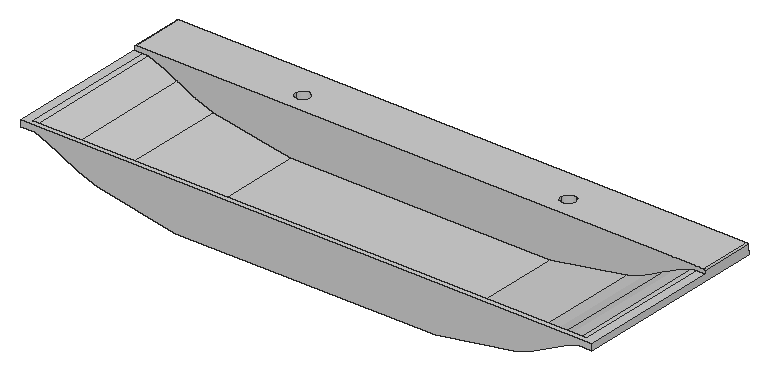
Revit family "NLRS_74_PF_UN_wastafel_S8VR5031000_SPHINX_BCB", category Plumbing Fixtures, Revit 2016
Family settings
  Part Type = Normal
  Round Connector Dimension = Use Diameter
  OmniClass Number = 23.45.00.00
  OmniClass Title = Sanitary, Laundry, and Cleaning Equipment
  Work Plane-Based = No
  Always vertical = Yes
  Cut with Voids When Loaded = No
  Shared = No
  Room Calculation Point = No
Parameters
  NLRS_C_type = "Wastafel met twee kraangaten en zonder overloop"
  NLRS_C_serie = "420"
  NLRS_C_revit_versie = "2016"
  NLRS_C_content_versie = "2.0"
  NLRS_C_content_provider = "BouwConnect"
  NLRS_C_content_datum_uitgifte = "APR-2018"
  NLRS_C_content_datum_gewijzigd = "APR-2018"
  NLRS_C_content_creator = "BouwConnect"
  NLRS_C_URL_product_data = "http://www.sphinx.nl/producten/wastafels-%7C-fonteinen/oplegwastafels/sphinx-420-%7C-oplegwastafel-140-varicor/38246/"
  diameter uit = 75 mm  # constant formula
  WFU = 0
  URL = "http://www.sphinx.nl/"
  Type Comments = ""
  NLRS_S_gewicht = 18.00 kg
  NLRS_C_materiaal = none
  NLRS_C_lengte = 480 mm
  NLRS_C_hoogte = 25 mm
  NLRS_C_diameter_uit = 45 mm
  NLRS_C_diameter_in = 35 mm
  NLRS_C_breedte = 1400 mm
  Model = ""
  Manufacturer = "Sphinx"
  Keynote = ""
  IfcTypeProduct = "IfcSanitaryTerminalType"
  IfcExportType = "SINK"
  IfcExportAs = "IfcSanitaryTerminalTypeEnum"
  IfcElement = "IfcFlowTerminal"
  NLRS_C_code_EAN = "8711754430006"
  Description = "wastafel"
  CWFU = 0
  NLRS_C_URL_BCB = "http://bcb-online.nl/?zoekterm=Sphinx+++%5bGeberit+B.V.%5d"
  Assembly Code = "47.11"
Reference planes
  plane 1 "Center (Front/Back)": y = 0
  plane 2: z = 0
  plane 3 "Center (Left/Right)": x = 0
  plane 4: y = -237.5
  plane 5: z = -10
  plane 6: y = -82.5
  plane 7: x = -325
Forms (mm)
  Extrusion 1, solid, not visible, detail levels medium+fine
    sketch origin (-1000, -37.5, 0) x (1, 0, 0) y (0, 1, 0)
      loop
        circle (999.991, -200) r 37.5
    from -150 to -135
  Extrusion 2, solid, material "bcb_porselein"
    sketch origin (0, 0, -0.001) x (1, 0, 0) y (0, 0, 1)
      loop
        line (-699.471, -9.999) -> (-699.995, -24.999) -> (-665.133, -24.999)
        arc (-665.133, -24.999) -> (-632.75, -36.896) -> (-601.937, -52.41) r 301.764
        arc (-601.937, -52.41) -> (-557.308, -74.663) -> (-510.299, -91.308) r 408.301
        arc (-510.299, -91.308) -> (-415.223, -113.256) -> (-318.374, -125.15) r 932.578
        arc (-318.374, -125.15) -> (0, -136.274) -> (318.374, -125.15) r 4561.389
        arc (318.374, -125.15) -> (415.223, -113.256) -> (510.299, -91.308) r 932.578
        arc (510.299, -91.308) -> (557.308, -74.663) -> (601.937, -52.41) r 408.301
        arc (601.937, -52.41) -> (632.75, -36.896) -> (665.133, -24.999) r 301.764
        line (665.133, -24.999) -> (699.995, -24.999) -> (699.471, -9.999) -> (678.286, -9.999)
        arc (678.286, -9.999) -> (671.995, -10.441) -> (665.828, -11.758) r 45
        arc (665.828, -11.758) -> (629.85, -24.537) -> (595.687, -41.585) r 314.264
        arc (595.687, -41.585) -> (552.424, -63.156) -> (506.854, -79.292) r 395.801
        arc (506.854, -79.292) -> (413.052, -100.946) -> (317.502, -112.68) r 920.078
        arc (317.502, -112.68) -> (0, -123.774) -> (-317.502, -112.68) r 4548.889
        arc (-317.502, -112.68) -> (-413.052, -100.946) -> (-506.854, -79.292) r 920.078
        arc (-506.854, -79.292) -> (-552.424, -63.156) -> (-595.687, -41.585) r 395.801
        arc (-595.687, -41.585) -> (-629.85, -24.537) -> (-665.828, -11.758) r 314.264
        arc (-665.828, -11.758) -> (-671.995, -10.441) -> (-678.286, -9.999) r 45
        line (-678.286, -9.999) -> (-699.471, -9.999)
    from 0 to 480
  Extrusion 3, solid, material "bcb_porselein"
    sketch origin (0, 0, -0.001) x (1, 0, 0) y (0, 0, 1)
      loop
        line (-699.257, -3.855) -> (-699.471, -9.999) -> (699.471, -9.999) -> (699.257, -3.855)
        arc (699.257, -3.855) -> (698.039, -1.119) -> (695.263, 0.005) r 4
        line (695.263, 0.005) -> (-695.263, 0.005)
        arc (-695.263, 0.005) -> (-698.039, -1.119) -> (-699.257, -3.855) r 4
    from 0 to 130.5
  Extrusion 4, solid, material "bcb_porselein"
    sketch origin (0, 0, -0.001) x (1, 0, 0) y (0, 0, 1)
      loop
        line (-699.471, -9.999) -> (-699.995, -24.999) -> (-665.133, -24.999)
        arc (-665.133, -24.999) -> (-632.75, -36.896) -> (-601.937, -52.41) r 301.764
        arc (-601.937, -52.41) -> (-557.308, -74.663) -> (-510.299, -91.308) r 408.301
        arc (-510.299, -91.308) -> (-415.223, -113.256) -> (-318.374, -125.15) r 932.578
        arc (-318.374, -125.15) -> (0, -136.274) -> (318.374, -125.15) r 4561.389
        arc (318.374, -125.15) -> (415.223, -113.256) -> (510.299, -91.308) r 932.578
        arc (510.299, -91.308) -> (557.308, -74.663) -> (601.937, -52.41) r 408.301
        arc (601.937, -52.41) -> (632.75, -36.896) -> (665.133, -24.999) r 301.764
        line (665.133, -24.999) -> (699.995, -24.999) -> (699.471, -9.999) -> (-699.471, -9.999)
    from 467.5 to 480
  Extrusion 5, solid, material "bcb_porselein"
    sketch origin (0, 0, -0.001) x (1, 0, 0) y (0, 0, 1)
      loop
        line (-699.471, -9.999) -> (-699.995, -24.999) -> (-665.133, -24.999)
        arc (-665.133, -24.999) -> (-632.75, -36.896) -> (-601.937, -52.41) r 301.764
        arc (-601.937, -52.41) -> (-557.308, -74.663) -> (-510.299, -91.308) r 408.301
        arc (-510.299, -91.308) -> (-415.223, -113.256) -> (-318.374, -125.15) r 932.578
        arc (-318.374, -125.15) -> (0, -136.274) -> (318.374, -125.15) r 4561.389
        arc (318.374, -125.15) -> (415.223, -113.256) -> (510.299, -91.308) r 932.578
        arc (510.299, -91.308) -> (557.308, -74.663) -> (601.937, -52.41) r 408.301
        arc (601.937, -52.41) -> (632.75, -36.896) -> (665.133, -24.999) r 301.764
        line (665.133, -24.999) -> (699.995, -24.999) -> (699.471, -9.999) -> (-699.471, -9.999)
    from 0 to 130.5
  Revolve 6, solid, material "bcb_porselein"
    sketch origin (0, -237.5, -0.001) x (1, 0, 0) y (0, 0, 1)
      loop
        line (-43.82, -146.287) -> (-43.495, -149.999) -> (0, -149.999) -> (0, -132.499) -> (-54.389, -132.499) -> (-54.389, -136.253)
        arc (-54.389, -136.253) -> (-47.204, -139.269) -> (-43.82, -146.287) r 11
      axis (0, -132.499) -> (0, -149.999)
    angle from 0 to 360
  Extrusion 7, void
    sketch origin (0, 0, 0) x (1, 0, 0) y (0, 1, 0)
      loop
        circle (-325, -82.5) r 17.5
    from -50 to 50
  Extrusion 8, void
    sketch origin (0, 0, 0) x (-1, 0, 0) y (0, -1, 0)
      loop
        circle (-325, 82.5) r 17.5
    from -50 to 50
Cuts and joins
  Extrusion 7, Extrusion 8 cuts Extrusion 2
  Extrusion 7, Extrusion 8 cuts Extrusion 3
  Extrusion 7, Extrusion 8 cuts Extrusion 4
  Extrusion 7, Extrusion 8 cuts Extrusion 5
  joined: Extrusion 2, Extrusion 3, Extrusion 4, Extrusion 5
Dimensions and locks
  plane 2 to plane 5 = 10 mm
  plane 7 to plane 3 "Center (Left/Right)" = 325 mm
  aligned and locked: level to plane 2
  aligned and locked: Extrusion 3 to plane 5
Connectors
  piping at (-0.009, -237.5, -150), diameter 75, driven by "WFU", driven by "diameter uit"
    settings: on Extrusion 1, index 1, connector inside diameter 609.6 mm, connector length 0 mm, flow factor 0, pipe flow 0.0 L/s, pressure drop 0.0 Pa, fitting loss kfactor 0, connector angle 0.00°, fixture units 0, engagement length 0 mm, angle of deflection 0.00°, flow configuration 3, flow direction 2, fitting loss method 0, system type 16, joint type 0, gender type 0, connector reference index -1, connector utility 0, adjustable connector no, is connector primary yes, connector description ""
